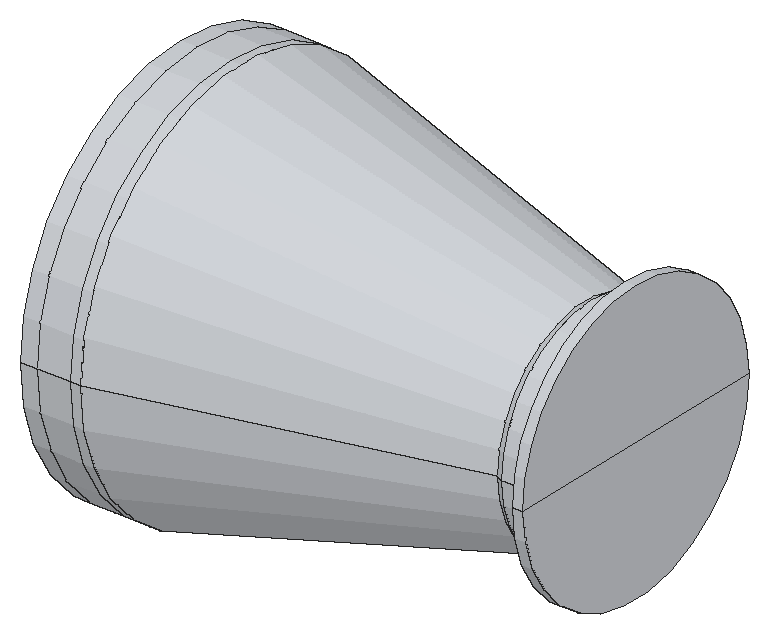
Revit family "fe3512e917d84d72a9f9290a9a674ded", category Pipe Fittings, Revit 2021
Family settings
  Round Connector Dimension = Use Radius
  Part Type = Transition
  OmniClass Number = 23.60.30.11.14
  OmniClass Title = Pipework Fittings
  Work Plane-Based = No
  Always vertical = Yes
  Cut with Voids When Loaded = No
  Shared = No
Parameters (values of type "Standard")
  Visibility 2 [instance] = Nominal Diameter 2 > Nominal Diameter 1  # no
  Visibility 1 [instance] = Nominal Diameter 1 > Nominal Diameter 2  # yes
  URL = ""
  Type Comments = ""
  Tick Size 2 [instance] = if(Nominal Diameter 1 > Nominal Diameter 2, Min Tick Size 12, Max Tick Size 12)  # 6.9600"
  Tick Size 1 [instance] = if(Nominal Diameter 1 > Nominal Diameter 2, Max Tick Size 12, Min Tick Size 12)  # 12.8000"
  Min Tick Size 12 [instance] = Min Fitting Outside Diameter 12 * 0.4  # 6.9600"
  Max Tick Size 12 [instance] = Max Fitting Outside Diameter 12 * 0.4  # 12.8000"
  Socket Outside Radius 2 [instance] = Socket Outside Diameter 2 / 2  # 8.9900"
  Socket Outside Radius 1 [instance] = Socket Outside Diameter 1 / 2  # 16.0000"
  Socket Outside Diameter 2 [instance] = if(Nominal Diameter 1 > Nominal Diameter 2, Min Socket Outside Diameter 12, Fitting Outside Diameter 2)  # 17.9800"
  Socket Outside Diameter 1 [instance] = if(Nominal Diameter 1 > Nominal Diameter 2, Fitting Outside Diameter 1, Min Socket Outside Diameter 12)  # 32.0000"
  Socket Depth 2 [instance] = if(Nominal Diameter 2 < 14.0000", 2.5000", if(Nominal Diameter 2 < 30.0000", 3.5000", 4.0000"))  # 3.5000"
  Socket Depth 1 [instance] = if(Nominal Diameter 1 < 14.0000", 2.5000", if(Nominal Diameter 1 < 30.0000", 3.5000", 4.0000"))  # 4.0000"
  Min Socket Outside Diameter 12 [instance] = size_lookup(Lookup Table Name, "SOD", 1.08 * Min Nominal Diameter 12 + 1.1200", Min Nominal Diameter 12)  # 17.9800"
  Max Socket Outside Diameter 12 [instance] = size_lookup(Lookup Table Name, "SOD", 1.08 * Max Nominal Diameter 12 + 1.1200", Max Nominal Diameter 12)  # 32.8200"
  Nominal Radius 2 [instance] = 8.0000"
  Nominal Radius 1 [instance] = 15.0000"
  Nominal Diameter 2 [instance] = Nominal Radius 2 * 2  # 16.0000"
  Nominal Diameter 1 [instance] = Nominal Radius 1 * 2  # 30.0000"
  Min Nominal Diameter 12 [instance] = if(Nominal Diameter 1 > Nominal Diameter 2, Nominal Diameter 2, Nominal Diameter 1)  # 16.0000"
  Max Nominal Diameter 12 [instance] = if(Nominal Diameter 1 > Nominal Diameter 2, Nominal Diameter 1, Nominal Diameter 2)  # 30.0000"
  Manufacturer = ""
  Loss Method = K Coefficient from Table
  Lookup Table Name = "Reducer Compact - PE x MJ - DI - Class 250"
  Length [instance] = if(Nominal Diameter 1 = Nominal Diameter 2, 38.0000", size_lookup(Lookup Table Name, "Lgt", 1.9900" + 1.0763 * Max Nominal Diameter 12 - 0.9255 * Min Nominal Diameter 12, Max Nominal Diameter 12, Min Nominal Diameter 12))  # 32.3700"
  K Coefficient Table = "Reducer/Coupling/Union/Increaser"
  Fitting Outside Radius 2 [instance] = Fitting Outside Diameter 2 / 2  # 8.7000"
  Fitting Outside Radius 1 [instance] = Fitting Outside Diameter 1 / 2  # 16.0000"
  Min Fitting Outside Diameter 12 [instance] = size_lookup(Lookup Table Name, "FOD", 1.04 * Min Nominal Diameter 12 + 0.7000", Min Nominal Diameter 12)  # 17.4000"
  Max Fitting Outside Diameter 12 [instance] = size_lookup(Lookup Table Name, "FOD", 1.04 * Max Nominal Diameter 12 + 0.7000", Max Nominal Diameter 12)  # 32.0000"
  built-in parameter 1114238 [instance] = (empty or 0)
  Fitting Outside Diameter 2 [instance] = if(Nominal Diameter 1 > Nominal Diameter 2, Min Fitting Outside Diameter 12, Max Fitting Outside Diameter 12)  # 17.4000"
  Fitting Outside Diameter 1 [instance] = if(Nominal Diameter 1 > Nominal Diameter 2, Max Fitting Outside Diameter 12, Min Fitting Outside Diameter 12)  # 32.0000"
  Description = ""
  Default Elevation = 0.0000"
  Bevel Length 2 [instance] = size_lookup(Lookup Table Name, "BvLgt", 0.04 * Nominal Diameter 2 + 0.4300", Nominal Diameter 2)  # 0.5800"
  Bevel Length 1 [instance] = size_lookup(Lookup Table Name, "BvLgt", 0.04 * Nominal Diameter 1 + 0.4300", Nominal Diameter 1)  # 0.8200"
  Gland Width 2 [instance] = size_lookup(Lookup Table Name, "GWid", 0.03 * Nominal Diameter 2 + 0.9400", Nominal Diameter 2)  # 0.8500"
  Gland Width 1 [instance] = size_lookup(Lookup Table Name, "GWid", 0.03 * Nominal Diameter 1 + 0.9400", Nominal Diameter 1)  # 1.3100"
  Gland Outside Radius 1 [instance] = Gland Outside Diameter 1 / 2  # 16.0000"
  Gland Outside Radius 2 [instance] = Gland Outside Diameter 2 / 2  # 11.2500"
  Max Gland Outside Diameter 12 [instance] = size_lookup(Lookup Table Name, "GOD", 1.16 * Max Nominal Diameter 12 + 4.0300", Max Nominal Diameter 12)  # 39.1200"
  Min Gland Outside Diameter 12 [instance] = size_lookup(Lookup Table Name, "GOD", 1.16 * Min Nominal Diameter 12 + 4.0300", Min Nominal Diameter 12)  # 22.5000"
  Gland Outside Diameter 2 [instance] = if(Nominal Diameter 1 > Nominal Diameter 2, Min Gland Outside Diameter 12, Fitting Outside Diameter 2)  # 22.5000"
  Gland Outside Diameter 1 [instance] = if(Nominal Diameter 1 > Nominal Diameter 2, Fitting Outside Diameter 1, Min Gland Outside Diameter 12)  # 32.0000"
  Assembly Code = ""
Reference planes (in)
  plane 1 "Center (Front/Back)": y = 0
  plane 2: z = 0
  plane 3 "Center (Left/Right)": x = 0
  plane 4 "Right": x = 36.37
  plane 5 "TK1 Top": y = 12.8
  plane 6 "TK1 Bottom": y = -12.8
  plane 7 "TK2 Top": y = 6.96
  plane 8 "TK2 Bottom": y = -6.96
  plane 9: y = 16
  plane 10: y = 16
  plane 11: x = 4
  plane 12: x = 4.82
  plane 13: y = 16
  plane 14 "SD2R": x = 32.87
  plane 15: x = 1.31
  plane 16: x = 35.52
  plane 17: x = 32.29
  plane 18: y = 8.7
  plane 19: y = 8.99
  plane 20: y = 11.25
Forms (in)
  Extrusion 1, solid, not visible
    sketch origin (0, 0, 0) x (0, 1, 0) y (0, 0, 1)
      loop
        circle (0, 0) r 1
    from 0 to 36.37
  Revolve 2, solid, detail levels fine
    sketch origin (0, 0, 0) x (1, 0, 0) y (0, 1, 0)
      loop
        line (1.31, 16) -> (1.31, 0) -> (35.52, 0) -> (35.52, 8.99) -> (32.87, 8.99) -> (32.27257, 8.7) -> (4.82, 16) -> (4, 16) -> (1.31, 16)
      axis (1.31, 0) -> (35.52, 0)
    angle from 0 to 360
  Revolve 3, solid, detail levels fine
    sketch origin (0, 0, 0) x (1, 0, 0) y (0, 1, 0)
      loop
        line (0, 0) -> (1.31, 0) -> (1.31, 16) -> (0, 16) -> (0, 0)
      loop
        line (36.37, 0) -> (36.37, 11.25) -> (35.52, 11.25) -> (35.52, 0) -> (36.37, 0)
      axis (0, 0) -> (36.37, 0)
    angle from 0 to 360
Cuts and joins
  joined: Revolve 2, Revolve 3
Lines and regions (in)
  model lines, detail levels coarse+medium
    curve 1: line (0, 0, 0) -> (0, 12.8, 0)
    curve 2: line (0, -12.8, 0) -> (0, 0, 0)
    curve 3: line (36.37, 0, 0) -> (36.37, 6.96, 0)
    curve 4: line (36.37, 0, 0) -> (36.37, -6.96, 0)
  model lines, style "PipeFitting", visible <- "Visibility 1", detail levels coarse+medium
    curve 5: line (0, 12.8, 0) -> (36.37, 0, 0)
    curve 6: line (0, -12.8, 0) -> (36.37, 0, 0)
  model lines, style "PipeFitting", visible <- "Visibility 2", detail levels coarse+medium
    curve 7: line (36.37, 6.96, 0) -> (0, 0, 0)
    curve 8: line (0, 0, 0) -> (36.37, -6.96, 0)
Dimensions and locks (in)
  "Tick Size 1": plane 5 "TK1 Top" to plane 1 "Center (Front/Back)"
  "Tick Size 1": plane 6 "TK1 Bottom" to plane 1 "Center (Front/Back)"
  "Tick Size 2": plane 7 "TK2 Top" to plane 1 "Center (Front/Back)"
  "Tick Size 2": plane 8 "TK2 Bottom" to plane 1 "Center (Front/Back)"
  "Gland Outside Radius 1": plane 9 to plane 1 "Center (Front/Back)"
  "Socket Outside Radius 1": plane 1 "Center (Front/Back)" to plane 10
  "Fitting Outside Radius 1": plane 13 to plane 1 "Center (Front/Back)"
  "Socket Depth 2": plane 14 "SD2R" to plane 4 "Right"
  "Socket Depth 1": plane 3 "Center (Left/Right)" to plane 11
  "Gland Width 1": plane 3 "Center (Left/Right)" to plane 15
  "Gland Width 2": plane 16 to plane 4 "Right"
  "Bevel Length 1": plane 11 to plane 12
  "Bevel Length 2": plane 17 to plane 14 "SD2R"
  "Fitting Outside Radius 2": plane 18 to plane 1 "Center (Front/Back)"
  "Socket Outside Radius 2": plane 19 to plane 1 "Center (Front/Back)"
  "Gland Outside Radius 2": plane 20 to plane 1 "Center (Front/Back)"
  "Length": plane 11 to plane 4 "Right"
  radius of Extrusion 1 sketch curve = 1.0000"
  aligned and locked: plane 2 to level
  aligned and locked: plane 2 to Extrusion 1 sketch curve
  aligned and locked: plane 1 "Center (Front/Back)" to Extrusion 1 sketch curve
  aligned and locked: Extrusion 1 to plane 3 "Center (Left/Right)"
  aligned and locked: plane 4 "Right" to Extrusion 1
  aligned and locked: plane 1 "Center (Front/Back)" to curve 2
  aligned and locked: plane 3 "Center (Left/Right)" to curve 1
  aligned and locked: plane 3 "Center (Left/Right)" to curve 2
  aligned and locked: plane 5 "TK1 Top" to curve 1
  aligned and locked: plane 6 "TK1 Bottom" to curve 2
  aligned and locked: curve 3 to plane 7 "TK2 Top"
  aligned and locked: curve 4 to plane 4 "Right"
  aligned and locked: plane 1 "Center (Front/Back)" to Revolve 2 sketch curve
  aligned and locked: Revolve 2 sketch curve to plane 10
  aligned and locked: plane 11 to Revolve 2 sketch curve
  aligned and locked: Revolve 2 sketch curve to plane 19
  aligned and locked: Revolve 2 sketch curve to Revolve 2 sketch curve
  aligned and locked: Revolve 3 sketch curve to plane 15
  aligned and locked: Revolve 3 sketch curve to plane 9
  aligned and locked: Revolve 3 sketch curve to plane 20
  aligned and locked: plane 16 to Revolve 3 sketch curve
  aligned and locked: plane 4 "Right" to Revolve 3 sketch curve
  aligned and locked: Revolve 3 sketch curve to Revolve 3 sketch curve  (x2)
  aligned and locked: plane 3 "Center (Left/Right)" to Revolve 3 sketch curve
  aligned and locked: plane 15 to Revolve 2 sketch curve
  aligned and locked: plane 16 to Revolve 2 sketch curve
  aligned and locked: Revolve 2 sketch curve to plane 12
  aligned and locked: plane 13 to Revolve 2 sketch curve
Automatic sketch dimensions
  plane 8 "TK2 Bottom" to curve 8 = 0.0000"
  plane 1 "Center (Front/Back)" to curve 4 = 0.0000"
  plane 1 "Center (Front/Back)" to Revolve 3 sketch curve = 0.0000"
  Revolve 3 sketch curve to plane 3 "Center (Left/Right)" = 9.7500"
  Revolve 3 sketch curve to Revolve 3 sketch curve = 7.2500"
  Revolve 2 sketch curve to plane 14 "SD2R" = 0.0000"
  Revolve 2 sketch curve to plane 3 "Center (Left/Right)" = 9.7500"
  plane 4 "Right" to Revolve 2 sketch curve = 7.1900"
  Revolve 2 sketch curve to plane 18 = 0.0000"
  plane 17 to Revolve 2 sketch curve = 0.01743"
Connectors (in)
  piping at (0, 0, 0), diameter 30, driven by "Nominal Radius 1"
    settings: on Extrusion 1, index 1, connector inside diameter 30.0000", connector length 0.0000", flow factor 0, pipe flow 0 GPM, pressure drop 0.00 psi, fitting loss kfactor 0, connector angle 0.00°, fixture units 0, engagement length 0.0000", angle of deflection 0.00°, flow configuration 0, flow direction 0, fitting loss method 0, system type 28, joint type 0, gender type 0, connector reference index 2, connector utility 0, adjustable connector no, is connector primary yes, connector description ""
  piping at (36.37, 0, 0), diameter 16, driven by "Nominal Radius 2"
    settings: on Extrusion 1, index 2, connector inside diameter 16.0000", connector length 0.0000", flow factor 0, pipe flow 0 GPM, pressure drop 0.00 psi, fitting loss kfactor 0, connector angle 0.00°, fixture units 0, engagement length 0.0000", angle of deflection 0.00°, flow configuration 0, flow direction 0, fitting loss method 0, system type 28, joint type 0, gender type 0, connector reference index 1, connector utility 0, adjustable connector no, is connector primary no, connector description ""
